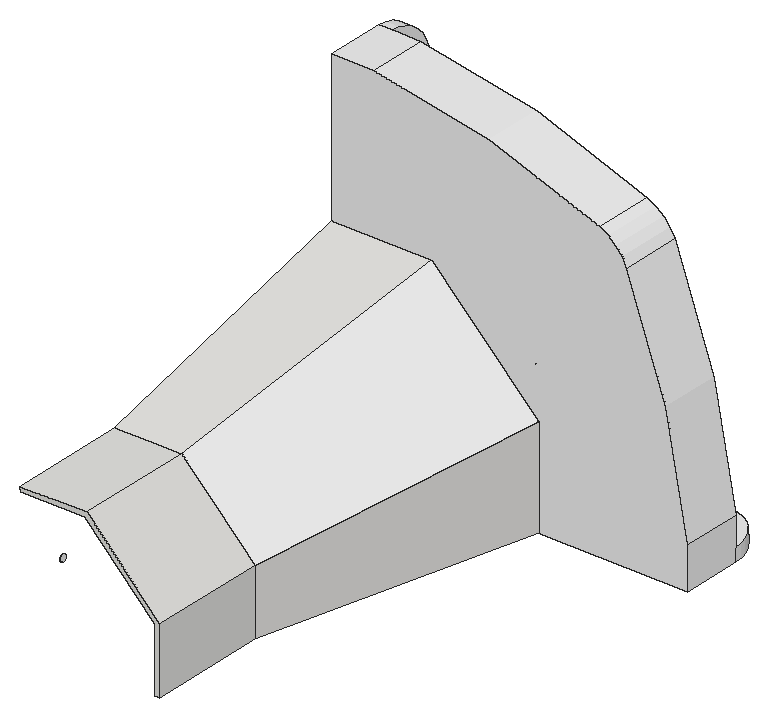
Revit family "Plumbing-Sink-Sloan-Valve-EWF-42000", category Plumbing Fixtures, host Face, Revit 2019
Family settings
  Host = Face
  Round Connector Dimension = Use Diameter
  Part Type = Normal
  OmniClass Number = 23.45.05.14.14
  OmniClass Title = Sinks/Lavatories
  Cut with Voids When Loaded = No
  Shared = No
  Room Calculation Point = No
Parameters (values of type "EWF-42000")
  Width = 27"  # constant formula
  Water Flow = 0.5 GPM
  Waste Connection = yes
  WFU = 2
  Voltage = 110 V
  Vent Connection = no
  Valve Pressure Drop = 0.0 Pa
  URL = "www.sloanvalve.com"
  Sanitary Drain Connection Diameter = 1 1/2"  # constant formula
  Product data url = "https://bimobject.com/sloan_valve/product/sinks_sloanstone_ewf-42000"
  Product Material = Sloan - SloanStone - Pearl (PL)
  Product Guid = ""
  Power Factor = 0.8
  Part Number = ""
  Number of Poles = 3
  Model = "EWF-42000"
  Manufacturer = "Sloan Valve"  # constant formula
  Keynote = "10000"
  Hot Water Connection Diameter = 1/2"  # constant formula
  Height = 39 1/2"  # constant formula
  HWFU = 1.5
  HW Connection = yes
  z_Elevation [instance] = 34"  # constant formula
  Frequency = 0 Hz
  Edition number = 1
  Description = "SloanStone® 2-Station Wall-Mounted Wash Fountain Sink."
  Depth = 30 1/2"  # constant formula
  Default Elevation = 0"  # constant formula
  Current = 15 A
  Cold Water Connection Diameter = 1/2"  # constant formula
  CWFU = 1.5
  CW Connection = yes
  Assembly Code = "D2010400"
  Apparent Load = (Voltage * Current) / (Power Factor * Number of Poles)  # 687.5 VA
  ADA Compliant = 1 = 1  # yes
Reference planes (in)
  plane 1 "Center (Front/Back)": y = 0
  plane 2: z = 0
  plane 3 "Center (Left/Right)": x = 0
  plane 4: y = -5.5
  plane 5: y = -39.5
Dimensions and locks (in)
  locked: plane 4 to plane 1 "Center (Front/Back)" at 5.5
  "z_Elevation": plane 4 to plane 5
  aligned and locked: plane 2 to host face
  aligned and locked: level to host face
  aligned and locked: plane 1 "Center (Front/Back)" to nested 1
  aligned and locked: plane 3 "Center (Left/Right)" to nested 1
Automatic sketch dimensions
  host sketch curve to host sketch curve = 96"  (x2)
Nested families (in)
  nested 1: "Geometry" at (0, -5.5, 0), type "Geometry"
Connectors (in)
  piping at (0, -35.5, 4), diameter 0.5, driven by "Hot Water Connection Diameter", driven by "Valve Pressure Drop", driven by "Water Flow"
    settings: on nested 1, index 8, connector inside diameter 24", connector length 0", flow factor 0, pipe flow 0.5 GPM, pressure drop 0.0 Pa, fitting loss kfactor 0, connector angle 0.00°, fixture units 1.5, engagement length 0", angle of deflection 0.00°, flow configuration 1, flow direction 1, fitting loss method 0, system type 19, joint type 0, gender type 0, connector reference index -1, connector utility 0, adjustable connector no, is connector primary yes, connector description "Hot Water Connection"
  piping at (0, -35.5, 8), diameter 0.5, driven by "Cold Water Connection Diameter", driven by "Valve Pressure Drop", driven by "Water Flow"
    settings: on nested 1, index 9, connector inside diameter 24", connector length 0", flow factor 0, pipe flow 0.5 GPM, pressure drop 0.0 Pa, fitting loss kfactor 0, connector angle 0.00°, fixture units 1.5, engagement length 0", angle of deflection 0.00°, flow configuration 1, flow direction 1, fitting loss method 0, system type 20, joint type 0, gender type 0, connector reference index -1, connector utility 0, adjustable connector no, is connector primary no, connector description "Cold Water Connection"
  piping at (0.0625, -15.5, 6), diameter 1.5, driven by "Sanitary Drain Connection Diameter", driven by "WFU"
    settings: on nested 1, index 10, connector inside diameter 24", connector length 0", flow factor 0, pipe flow 0.0 GPM, pressure drop 0.0 Pa, fitting loss kfactor 0, connector angle 0.00°, fixture units 2, engagement length 0", angle of deflection 0.00°, flow configuration 3, flow direction 2, fitting loss method 0, system type 16, joint type 0, gender type 0, connector reference index -1, connector utility 0, adjustable connector no, is connector primary no, connector description "Sanitary Drain Connection"
  electrical at (0.0625, -29.98996, 6), driven by "Voltage", driven by "Number of Poles", driven by "Apparent Load", driven by "Apparent Load", driven by "Apparent Load", driven by "Power Factor"
    settings: on nested 1, index 11, voltage 110 V, apparent load 0 VA, apparent load phase1 687.5 VA, apparent load phase2 687.5 VA, apparent load phase3 687.5 VA, power factor 0.8, load classification "Other", number of poles 3, system type 31, power factor state 1, is connector primary yes, connector utility no, sub classification motor no, connector description "Power Connection"
Definition of nested family "Geometry"
  Parameters (values of type "Geometry")
    URL = ""
    Product Material = none
    Model = ""
    Manufacturer = ""
    Description = ""
    Default Elevation = 34"
    Assembly Code = ""
  Reference planes (in)
    plane 1 "Center (Front/Back)": y = 0
    plane 2: z = 0
    plane 3 "Center (Left/Right)": x = 0
    plane 4: through (10.56236, 48, 14.0979) normal (0.7071, 0, -0.7071)
    plane 5: through (10.91592, 48, 13.74434) normal (0.7071, 0, -0.7071)
    plane 6: through (11.26947, 48, 13.39079) normal (0.7071, 0, -0.7071)
    plane 7: through (11.62302, 48, 13.03724) normal (0.7071, 0, -0.7071)
    plane 8: through (11.97658, 48, 12.68368) normal (0.7071, 0, -0.7071)
    plane 9: through (14.0979, 48, 10.56236) normal (0.7071, 0, -0.7071)
    plane 10: through (13.74434, 48, 10.91592) normal (0.7071, 0, -0.7071)
    plane 11: through (13.39079, 48, 11.26947) normal (0.7071, 0, -0.7071)
    plane 12: through (13.03724, 48, 11.62302) normal (0.7071, 0, -0.7071)
    plane 13: through (12.68368, 48, 11.97658) normal (0.7071, 0, -0.7071)
    plane 14: through (10.45585, 48, 14.91152) normal (-0.7071, 0, -0.7071)
    plane 15: through (16.1127, 48, 12.08309) normal (0.7071, 0, 0.7071)
    plane 16: through (10.8094, 48, 15.26507) normal (-0.7071, 0, -0.7071)
    plane 17: through (11.16296, 48, 15.61862) normal (-0.7071, 0, -0.7071)
    plane 18: through (11.51651, 48, 15.97218) normal (-0.7071, 0, -0.7071)
    plane 19: through (11.87006, 48, 16.32573) normal (-0.7071, 0, -0.7071)
    plane 20: z = 27
    plane 21: y = -34
    plane 22: y = 5.5
    plane 23: y = -25
    plane 24: y = -4.5
    plane 25: x = 27
    plane 26: through (0, 0, -0.00395) normal (0.7071, 0, -0.7071)
    plane 27: through (0.26857, 0, 10.87122) normal (-0.7071, 0, 0.7071)
    plane 28: through (10.87518, 0, 0.26462) normal (-0.7071, 0, 0.7071)
    plane 29: z = 15.5
    plane 30: x = 15.5
    plane 31: y = -13.5
    plane 32: z = 7
    plane 33: z = 4
    plane 34: z = 8
    plane 35: y = -30
    plane 36: y = -26
    plane 37: through (9.0722, -180, 9.0722) normal (-0.7071, 0, 0.7071)
    plane 38: through (15.33533, -180, 8.97137) normal (-0.7071, 0, 0.7071)
    plane 39: through (8.97137, -180, 15.33533) normal (-0.7071, 0, 0.7071)
    plane 40: through (8.81099, -180, 8.80308) normal (-0.7071, 0, 0.7071)
    plane 41: through (17.53404, -180, 10.45506) normal (0.7071, 0, -0.7071)
    plane 42: through (10.46297, -180, 17.52613) normal (0.7071, 0, -0.7071)
    plane 43: through (9.7599, -180, 13.48614) normal (-0.7071, 0, -0.7071)
  Forms (in)
    Extrusion 1, solid
      sketch origin (0, 0, 0) x (1, 0, 0) y (0, 1, 0)
        loop
          line (-48, 48) -> (-48, -48) -> (48, -48) -> (48, 48) -> (-48, 48)
      from 0 to -12
    Sweep 2, solid, material <- "Product Material"
      path origin (0, 0, 0) x (0.707107, 0, -0.707107) y (-0.707107, 0, -0.707107)
        loop
          line (11.27202, -10.73357) -> (0.88168, -18.2826)
          arc (0.88168, -18.2826) -> (0, -18.56907) -> (-0.88168, -18.2826) r 1.5
          line (-0.88168, -18.2826) -> (-11.60115, -10.49444)
      profile origin (13.55119, 0, 12.30431) x (0.987688, 0, 0.156434) y (0, 1, 0)
        loop
          line (0, 5.5) -> (-1.4375, 5.5) -> (-1.4375, 1) -> (-0.75, 1) -> (-0.75, 5) -> (0, 5) -> (0, 5.5)
    Extrusion 3, solid, material <- "Product Material"
      sketch origin (0, 0, 0) x (0.707107, 0, -0.707107) y (-0.707107, 0, -0.707107)
        loop
          line (0, 0) -> (-9.93102, -9.93102) -> (-0.03674, -17.11964)
          arc (-0.03674, -17.11964) -> (0, -17.13157) -> (0.03674, -17.11964) r 0.0625
          line (0.03674, -17.11964) -> (9.93102, -9.93102) -> (0, 0)
      from -3.5 to 5.5
    Sweep 4, solid, material <- "Product Material"
      path origin (0, 0, 0) x (0.707107, 0, -0.707107) y (-0.707107, 0, -0.707107)
        loop
          line (-19.09188, -19.09188) -> (-16.84623, -21.33753)
          arc (-16.84623, -21.33753) -> (-9.48566, -26.34174) -> (-1.47265, -30.21625) r 60.72538
          arc (-1.47265, -30.21625) -> (0, -30.4972) -> (1.47265, -30.21625) r 4
          arc (1.47265, -30.21625) -> (9.48471, -26.34236) -> (16.84461, -21.33916) r 60.73154
          line (16.84461, -21.33916) -> (19.09188, -19.09188)
      profile origin (22.40744, 0, 20.3248) x (-0.917771, 0, -0.397111) y (0, 1, 0)
        loop
          line (0, 0) -> (0, -4.5) -> (2, -4.5) -> (2, -1)
          arc (2, -1) -> (1.70711, -0.29289) -> (1, 0) r 1
          line (1, 0) -> (0, 0)
    Extrusion 5, void
      sketch origin (0, 0, 0) x (0.707107, 0, -0.707107) y (-0.707107, 0, -0.707107)
        loop
          line (-19.09188, -19.09188) -> (-1, -1) -> (-2, 0) -> (-20.09188, -18.09188) -> (-19.09188, -19.09188)
        loop
          line (19.09188, -19.09188) -> (20.09188, -18.09188) -> (2, 0) -> (1, -1) -> (19.09188, -19.09188)
      from 0 to 5.5
    Extrusion 6, solid, material <- "Product Material"
      sketch origin (0, 0, 0) x (0, 0, -1) y (0, 1, 0)
        loop
          line (-27, 0) -> (-27, -4.5) -> (0, -4.5) -> (0, 3.83923) -> (-14.74065, 3.83923) -> (-23.73566, 3.52512)
          arc (-23.73566, 3.52512) -> (-26.05858, 2.40221) -> (-27, 0) r 3.53553
      from 0 to 1
    Extrusion 7, solid, material <- "Product Material"
      sketch origin (0, 0, 0) x (0.707107, 0, -0.707107) y (-0.707107, 0, -0.707107)
        loop
          line (-16.97056, -18.38478) -> (-15.51408, -19.84126)
          arc (-15.51408, -19.84126) -> (-8.436, -24.63834) -> (-0.73632, -28.35673) r 58.72538
          arc (-0.73632, -28.35673) -> (0, -28.4972) -> (0.73632, -28.35673) r 2
          arc (0.73632, -28.35673) -> (8.43508, -24.63894) -> (15.51251, -19.84283) r 58.73154
          line (15.51251, -19.84283) -> (16.97056, -18.38478) -> (0, -1.41421) -> (-16.97056, -18.38478)
      from -4.5 to -3.5
    Extrusion 8, solid
      sketch origin (12.62395, 5, 12.74121) x (-0.987688, 0, 0.156434) y (0, -1, 0)
        loop
          line (6.39164, 0.25036) -> (6.39164, 0.75036) -> (5.39164, 0.75036) -> (5.39164, 0.25036) -> (6.39164, 0.25036)
      from 0 to 0.0625
    Extrusion 9, solid
      sketch origin (12.74121, 5, 12.62395) x (0.156434, 0, -0.987688) y (0, 1, 0)
        loop
          line (6.39164, -0.25036) -> (5.39164, -0.25036) -> (5.39164, -0.75036) -> (6.39164, -0.75036) -> (6.39164, -0.25036)
      from 0 to 0.0625
    Extrusion 10, solid, material <- "Product Material"
      sketch origin (0, 0, 0) x (-1, 0, 0) y (0, -1, 0)
        loop
          arc (-27, 0) -> (-26.05858, -2.40221) -> (-23.73566, -3.52512) r 3.53553
          line (-23.73566, -3.52512) -> (-14.74065, -3.83923) -> (0, -3.83923) -> (0, 4.5) -> (-27, 4.5) -> (-27, 0)
      from 0 to 1
    Extrusion 11, solid
      sketch origin (0, 0, 0) x (0.707107, 0, -0.707107) y (-0.707107, 0, -0.707107)
        loop
          line (-7.23068, -7.23068) -> (-7.4972, -7.4972) -> (-3.95608, -11.03833) -> (3.96726, -11.03833) -> (7.5028, -7.5028) -> (7.23068, -7.23068) -> (3.79804, -10.66333) -> (-3.79804, -10.66333) -> (-7.23068, -7.23068)
      from -34 to -25
    Extrusion 12, solid
      sketch origin (0, -3.5, 0) x (0.707107, 0, -0.707107) y (-0.707107, 0, -0.707107)
        loop
          arc (-2.65063, -17.43744) -> (-3.00419, -17.58388) -> (-3.15063, -17.93744) r 0.5
          line (-3.15063, -17.93744) -> (-3.15063, -19.93744)
          arc (-3.15063, -19.93744) -> (-3.00419, -20.29099) -> (-2.65063, -20.43744) r 0.5
          line (-2.65063, -20.43744) -> (2.34937, -20.43744)
          arc (2.34937, -20.43744) -> (2.70292, -20.29099) -> (2.84937, -19.93744) r 0.5
          line (2.84937, -19.93744) -> (2.84937, -17.93744)
          arc (2.84937, -17.93744) -> (2.70292, -17.58388) -> (2.34937, -17.43744) r 0.5
          line (2.34937, -17.43744) -> (-2.65063, -17.43744)
        loop
          line (-2.4375, -18.37494) -> (-2.0625, -18.37494) -> (-2.0625, -17.99994) -> (-2.4375, -17.99994) -> (-2.4375, -18.37494)
        loop
          line (-2.4375, -18.87494) -> (-2.0625, -18.87494) -> (-2.0625, -18.49994) -> (-2.4375, -18.49994) -> (-2.4375, -18.87494)
        loop
          line (-2.4375, -19.37494) -> (-2.0625, -19.37494) -> (-2.0625, -18.99994) -> (-2.4375, -18.99994) -> (-2.4375, -19.37494)
        loop
          line (-2.4375, -19.87494) -> (-2.0625, -19.87494) -> (-2.0625, -19.49994) -> (-2.4375, -19.49994) -> (-2.4375, -19.87494)
        loop
          line (-1.9375, -18.37494) -> (-1.5625, -18.37494) -> (-1.5625, -17.99994) -> (-1.9375, -17.99994) -> (-1.9375, -18.37494)
        loop
          line (-1.9375, -18.87494) -> (-1.5625, -18.87494) -> (-1.5625, -18.49994) -> (-1.9375, -18.49994) -> (-1.9375, -18.87494)
        loop
          line (-1.9375, -19.37494) -> (-1.5625, -19.37494) -> (-1.5625, -18.99994) -> (-1.9375, -18.99994) -> (-1.9375, -19.37494)
        loop
          line (-1.9375, -19.87494) -> (-1.5625, -19.87494) -> (-1.5625, -19.49994) -> (-1.9375, -19.49994) -> (-1.9375, -19.87494)
        loop
          line (-1.4375, -18.37494) -> (-1.0625, -18.37494) -> (-1.0625, -17.99994) -> (-1.4375, -17.99994) -> (-1.4375, -18.37494)
        loop
          line (-1.4375, -18.87494) -> (-1.0625, -18.87494) -> (-1.0625, -18.49994) -> (-1.4375, -18.49994) -> (-1.4375, -18.87494)
        loop
          line (-1.4375, -19.37494) -> (-1.0625, -19.37494) -> (-1.0625, -18.99994) -> (-1.4375, -18.99994) -> (-1.4375, -19.37494)
        loop
          line (-1.4375, -19.87494) -> (-1.0625, -19.87494) -> (-1.0625, -19.49994) -> (-1.4375, -19.49994) -> (-1.4375, -19.87494)
        loop
          line (-0.9375, -18.37494) -> (-0.5625, -18.37494) -> (-0.5625, -17.99994) -> (-0.9375, -17.99994) -> (-0.9375, -18.37494)
        loop
          line (-0.9375, -18.87494) -> (-0.5625, -18.87494) -> (-0.5625, -18.49994) -> (-0.9375, -18.49994) -> (-0.9375, -18.87494)
        loop
          line (-0.9375, -19.37494) -> (-0.5625, -19.37494) -> (-0.5625, -18.99994) -> (-0.9375, -18.99994) -> (-0.9375, -19.37494)
        loop
          line (-0.9375, -19.87494) -> (-0.5625, -19.87494) -> (-0.5625, -19.49994) -> (-0.9375, -19.49994) -> (-0.9375, -19.87494)
        loop
          line (-0.4375, -18.37494) -> (-0.0625, -18.37494) -> (-0.0625, -17.99994) -> (-0.4375, -17.99994) -> (-0.4375, -18.37494)
        loop
          line (-0.4375, -18.87494) -> (-0.0625, -18.87494) -> (-0.0625, -18.49994) -> (-0.4375, -18.49994) -> (-0.4375, -18.87494)
        loop
          line (-0.4375, -19.37494) -> (-0.0625, -19.37494) -> (-0.0625, -18.99994) -> (-0.4375, -18.99994) -> (-0.4375, -19.37494)
        loop
          line (-0.4375, -19.87494) -> (-0.0625, -19.87494) -> (-0.0625, -19.49994) -> (-0.4375, -19.49994) -> (-0.4375, -19.87494)
        loop
          line (2.4375, -18.37494) -> (2.4375, -17.99994) -> (2.0625, -17.99994) -> (2.0625, -18.37494) -> (2.4375, -18.37494)
        loop
          line (2.4375, -18.87494) -> (2.4375, -18.49994) -> (2.0625, -18.49994) -> (2.0625, -18.87494) -> (2.4375, -18.87494)
        loop
          line (2.4375, -19.37494) -> (2.4375, -18.99994) -> (2.0625, -18.99994) -> (2.0625, -19.37494) -> (2.4375, -19.37494)
        loop
          line (2.4375, -19.87494) -> (2.4375, -19.49994) -> (2.0625, -19.49994) -> (2.0625, -19.87494) -> (2.4375, -19.87494)
        loop
          line (1.9375, -18.37494) -> (1.9375, -17.99994) -> (1.5625, -17.99994) -> (1.5625, -18.37494) -> (1.9375, -18.37494)
        loop
          line (1.9375, -18.87494) -> (1.9375, -18.49994) -> (1.5625, -18.49994) -> (1.5625, -18.87494) -> (1.9375, -18.87494)
        loop
          line (1.9375, -19.37494) -> (1.9375, -18.99994) -> (1.5625, -18.99994) -> (1.5625, -19.37494) -> (1.9375, -19.37494)
        loop
          line (1.9375, -19.87494) -> (1.9375, -19.49994) -> (1.5625, -19.49994) -> (1.5625, -19.87494) -> (1.9375, -19.87494)
        loop
          line (1.4375, -18.37494) -> (1.4375, -17.99994) -> (1.0625, -17.99994) -> (1.0625, -18.37494) -> (1.4375, -18.37494)
        loop
          line (1.4375, -18.87494) -> (1.4375, -18.49994) -> (1.0625, -18.49994) -> (1.0625, -18.87494) -> (1.4375, -18.87494)
        loop
          line (1.4375, -19.37494) -> (1.4375, -18.99994) -> (1.0625, -18.99994) -> (1.0625, -19.37494) -> (1.4375, -19.37494)
        loop
          line (1.4375, -19.87494) -> (1.4375, -19.49994) -> (1.0625, -19.49994) -> (1.0625, -19.87494) -> (1.4375, -19.87494)
        loop
          line (0.9375, -18.37494) -> (0.9375, -17.99994) -> (0.5625, -17.99994) -> (0.5625, -18.37494) -> (0.9375, -18.37494)
        loop
          line (0.9375, -18.87494) -> (0.9375, -18.49994) -> (0.5625, -18.49994) -> (0.5625, -18.87494) -> (0.9375, -18.87494)
        loop
          line (0.9375, -19.37494) -> (0.9375, -18.99994) -> (0.5625, -18.99994) -> (0.5625, -19.37494) -> (0.9375, -19.37494)
        loop
          line (0.9375, -19.87494) -> (0.9375, -19.49994) -> (0.5625, -19.49994) -> (0.5625, -19.87494) -> (0.9375, -19.87494)
        loop
          line (0.4375, -18.37494) -> (0.4375, -17.99994) -> (0.0625, -17.99994) -> (0.0625, -18.37494) -> (0.4375, -18.37494)
        loop
          line (0.4375, -18.87494) -> (0.4375, -18.49994) -> (0.0625, -18.49994) -> (0.0625, -18.87494) -> (0.4375, -18.87494)
        loop
          line (0.4375, -19.37494) -> (0.4375, -18.99994) -> (0.0625, -18.99994) -> (0.0625, -19.37494) -> (0.4375, -19.37494)
        loop
          line (0.4375, -19.87494) -> (0.4375, -19.49994) -> (0.0625, -19.49994) -> (0.0625, -19.87494) -> (0.4375, -19.87494)
      from 0 to 0.1875
    Extrusion 13, void
      sketch origin (0, 0, 0) x (0.707107, 0, -0.707107) y (-0.707107, 0, -0.707107)
        loop
          line (-2.4375, -17.99994) -> (-2.4375, -19.87494) -> (2.4375, -19.87494) -> (2.4375, -17.99994) -> (-2.4375, -17.99994)
      from -3.97906 to -3.5
    Extrusion 14, solid, material <- "Product Material"
      sketch origin (0, 0, 0) x (0, 1, 0) y (0, 0, 1)
        loop
          line (-25.98996, 7) -> (-25.98996, 5) -> (-22.98996, 5) -> (-22.98996, 7) -> (-25.98996, 7)
        loop
          circle (-30, 8) r 0.25
        loop
          circle (-30, 4) r 0.25
        loop
          circle (-10, 6) r 0.75
      from 0 to 0.0625
    Revolve 15, solid
      sketch origin (15.64149, 15.81477, 11.92444) x (0.481412, 0.829038, -0.284498) y (0.508765, 0, 0.860905)
        loop
          line (-15.51805, -2.03868) -> (-15.66935, -2.18997) -> (-15.41233, -2.44699) -> (-15.26104, -2.29569) -> (-15.51805, -2.03868)
        axis (-15.7615, -2.28213) -> (-15.50449, -2.53914)
      angle from 0 to 360
    Revolve 16, solid
      sketch origin (4.96379, 1, 2.04218) x (0, 1, 0) y (0.156434, 0, 0.987688)
        loop
          line (2.04794, 12.63041) -> (2.04794, 11.76501) -> (2.54794, 11.76501) -> (2.54794, 12.13041)
          arc (2.54794, 12.13041) -> (2.4015, 12.48396) -> (2.04794, 12.63041) r 0.5
        axis (2.04794, 12.63041) -> (2.04794, 11.76501)
      angle from 0 to 360
    Revolve 17, solid
      sketch origin (11.92444, 15.81477, 15.64149) x (-0.284498, 0.829038, 0.481412) y (-0.860905, 0, -0.508765)
        loop
          line (-15.51805, 2.03868) -> (-15.26104, 2.29569) -> (-15.41233, 2.44699) -> (-15.66935, 2.18997) -> (-15.51805, 2.03868)
        axis (-15.7615, 2.28213) -> (-15.50449, 2.53914)
      angle from 0 to 360
    Revolve 18, solid
      sketch origin (2.04218, 1, 4.96379) x (0, 1, 0) y (-0.987688, 0, -0.156434)
        loop
          arc (2.04794, -12.63041) -> (2.4015, -12.48396) -> (2.54794, -12.13041) r 0.5
          line (2.54794, -12.13041) -> (2.54794, -11.76501) -> (2.04794, -11.76501) -> (2.04794, -12.63041)
        axis (2.04794, -12.63041) -> (2.04794, -11.76501)
      angle from 0 to 360
    Blend 19, solid
      base sketch origin (0, 0, 0) x (1, 0, 0) y (0, 0, 1)
        loop
          line (10.61056, 5) -> (5.00982, 10.60073) -> (4.74466, 10.33557) -> (10.34539, 4.73483) -> (10.61056, 5)
      top sketch origin (0, 0, 0) x (1, 0, 0) y (0, 0, 1)
        loop
          line (7.29397, 15.42175) -> (15.42965, 7.28606) -> (15.69482, 7.55123) -> (7.55914, 15.68691) -> (7.29397, 15.42175)
      from 25 to 4.5
    Blend 20, solid
      base sketch origin (0, 0, 0) x (1, 0, 0) y (0, 0, 1)
        loop
          line (7.55815, 15.68493) -> (0, 15.68493) -> (0, 15.30993) -> (7.18315, 15.30993) -> (7.55815, 15.68493)
      top sketch origin (0, 0, 0) x (1, 0, 0) y (0, 0, 1)
        loop
          line (0, 10.22573) -> (4.63482, 10.22573) -> (5.00982, 10.60073) -> (0, 10.60073) -> (0, 10.22573)
      from 4.5 to 25
    Blend 21, solid
      base sketch origin (0, 0, 0) x (0, 0, 1) y (-1, 0, 0)
        loop
          line (7.55815, -15.68493) -> (7.18315, -15.30993) -> (0, -15.30993) -> (0, -15.68493) -> (7.55815, -15.68493)
      top sketch origin (0, 0, 0) x (0, 0, 1) y (-1, 0, 0)
        loop
          line (0, -10.22573) -> (0, -10.60073) -> (5.00982, -10.60073) -> (4.63482, -10.22573) -> (0, -10.22573)
      from 4.5 to 25
  Cuts and joins
    Extrusion 5 cuts Sweep 2
    Extrusion 13 cuts Extrusion 7
    joined: Sweep 2, Extrusion 3, Sweep 4, Extrusion 6, Extrusion 7, Extrusion 10
    joined: Extrusion 11, Blend 19, Blend 20, Blend 21
    Extrusion 5 cuts Extrusion 9
    Extrusion 5 cuts Extrusion 8
  Lines and regions (in)
    Masking region 1, not visible
      outline origin (0, 0, 0) x (1, 0, 0) y (0, 1, 0)
        loop
          line (0, -33.98966) -> (10.61318, -33.98966) -> (10.61318, -24.98966) -> (15.69482, -4.5) -> (27, -4.5) -> (27, 0)
          arc (27, 0) -> (26.10151, 2.44196) -> (23.73566, 3.52512) r 3.38546
          line (23.73566, 3.52512) -> (14.74065, 3.83923) -> (14.74065, 5) -> (15.5, 5) -> (15.5, 5.5) -> (0, 5.5) -> (0, -33.98966)
    Masking region 2
      outline origin (0, 0, 0) x (1, 0, 0) y (0, 0, 1)
        loop
          line (0, 0) -> (27, 0) -> (27, 3.17812)
          arc (27, 3.17812) -> (25.33357, 11.92016) -> (22.40744, 20.3248) r 60.73154
          arc (22.40744, 20.3248) -> (21.56478, 21.56478) -> (20.3248, 22.40744) r 4
          arc (20.3248, 22.40744) -> (11.91905, 25.3338) -> (3.17583, 27) r 60.72538
          line (3.17583, 27) -> (0, 27) -> (0, 0)
    Masking region 3, not visible
      outline origin (0, 0, 0) x (0, 1, 0) y (0, 0, 1)
        loop
          line (5.5, 0) -> (5.5, 15.5) -> (5, 15.5) -> (5, 14.74065) -> (3.83923, 14.74065) -> (3.52512, 23.73566)
          arc (3.52512, 23.73566) -> (2.44196, 26.10151) -> (0, 27) r 3.38546
          line (0, 27) -> (-4.5, 27) -> (-4.5, 15.68691) -> (-25.00423, 10.60166) -> (-34, 10.60166) -> (-34, 0) -> (5.5, 0)
    Masking region 4
      outline origin (0, 0, 0) x (1, 0, 0) y (0, 0, 1)
        loop
          line (0, 0) -> (27, 0) -> (27, 3.17812)
          arc (27, 3.17812) -> (25.33357, 11.92016) -> (22.40744, 20.3248) r 60.73154
          arc (22.40744, 20.3248) -> (21.56478, 21.56478) -> (20.3248, 22.40744) r 4
          arc (20.3248, 22.40744) -> (11.91905, 25.3338) -> (3.17583, 27) r 60.72538
          line (3.17583, 27) -> (0, 27) -> (0, 0)
    symbolic lines, not visible
      curve 1: line (14.74065, 5, 0) -> (0, 5, 0)
    symbolic lines, not visible, detail levels medium+fine
      curve 2: line (27, 0, 0) -> (0, 0, 0)
      curve 3: line (1, 0, 0) -> (1, 3.83923, 0)
      curve 4: line (1, 3.83923, 0) -> (0, 3.83923, 0)
      curve 5: line (15.69482, -4.5, 0) -> (0, -4.5, 0)
      curve 21: line (14.74065, 3.83923, 0) -> (14.58227, 3.83923, 0)
      curve 22: line (14.58227, 3.83923, 0) -> (14.58227, 3.0813, 0)
      curve 23: line (14.58227, 2.96289, 0) -> (14.58227, 1, 0)
      curve 24: line (14.58227, 1, 0) -> (1, 1, 0)
      curve 25: line (13.8862, 1, 0) -> (13.8862, 0, 0)
      curve 193: line (0, 5, 14.74065) -> (0, 5, 0)
      curve 194: line (0, 0, 27) -> (0, 0, 1)
      curve 195: line (0, 0, 1) -> (0, 3.52512, 1)
      curve 196: line (0, 3.52512, 1) -> (0, 3.52512, 0)
      curve 197: line (0, -4.5, 15.68493) -> (0, -4.5, 0)
      curve 198: line (0, 3.83923, 14.74065) -> (0, 3.83923, 14.58227)
      curve 199: line (0, 3.83923, 14.58227) -> (0, 3.07001, 14.58227)
      curve 200: line (0, 2.93606, 14.58418) -> (0, 0.94973, 14.58418)
      curve 201: line (0, 0.94973, 14.58418) -> (0, 0.94973, 13.8862)
      curve 202: line (0, 0.94973, 13.8862) -> (0, 0, 13.8862)
      curve 218: line (0, 0.94973, 13.8862) -> (0, 0.94973, 1)
      curve 222: line (0, 3.07001, 14.58227) -> (0, 3.02287, 14.6496)
      curve 223: line (0, 2.93606, 14.58418) -> (0, 3.02287, 14.6496)
    symbolic lines, not visible, detail levels fine
      curve 6: line (10.60073, -25, 0) -> (0, -25, 0)
      curve 7: circle (6.89802, 2.74606, 0) r 0.30405 normal (0, 0, 1)
      curve 8: line (6.311, 4.74964, 0) -> (7.30847, 4.74964, 0)
      curve 9: line (6.311, 4.24964, 0) -> (6.311, 4.74964, 0)
      curve 10: line (7.30847, 4.24964, 0) -> (6.311, 4.24964, 0)
      curve 11: line (7.30847, 4.74964, 0) -> (7.30847, 4.24964, 0)
      curve 12: arc (7.20107, 2.77059, 0) -> (6.63751, 3.54783, 0) -> (6.63842, 2.58778, 0) r 0.50457
      curve 13: arc (13.66545, 3.55552, 0) -> (13.58315, 3.05193, 0) -> (13.66295, 2.54794, 0) r 1.6063
      curve 14: line (13.66295, 2.54794, 0) -> (14.11816, 2.54794, 0)
      curve 15: line (14.11816, 2.54794, 0) -> (14.23462, 2.4664, 0)
      curve 16: line (14.23462, 2.4664, 0) -> (14.6379, 3.04234, 0)
      curve 17: line (14.6379, 3.04234, 0) -> (14.50297, 3.13683, 0)
      curve 18: arc (14.50297, 3.13683, 0) -> (14.38033, 3.43288, 0) -> (14.08428, 3.55552, 0) r 0.41869
      curve 19: line (14.08428, 3.55552, 0) -> (13.66545, 3.55552, 0)
      curve 20: line (14.50297, 3.13683, 0) -> (14.11816, 2.54794, 0)
      curve 26: line (5.00982, -25, 0) -> (7.56111, -4.5, 0)
      curve 27: line (5.00982, -25, 0) -> (5.00982, -34, 0)
      curve 203: line (0, 3.54794, 13.66295) -> (0, 3.54794, 14.05548)
      curve 204: arc (0, 3.54794, 14.05548) -> (0, 3.42395, 14.36865) -> (0, 3.11917, 14.51206) r 0.45748
      curve 205: line (0, 3.11917, 14.51206) -> (0, 3.07001, 14.58227)
      curve 206: line (0, 2.93606, 14.58418) -> (0, 2.4694, 14.23253)
      curve 207: line (0, 2.4694, 14.23253) -> (0, 2.5546, 14.11946)
      curve 208: arc (0, 2.5546, 14.11946) -> (0, 2.54912, 14.06644) -> (0, 2.54717, 14.01318) r 0.80347
      curve 209: line (0, 2.54717, 14.01318) -> (0, 2.54717, 13.66295)
      curve 210: arc (0, 2.54717, 13.66295) -> (0, 3.04756, 13.58752) -> (0, 3.54794, 13.66295) r 1.69742
      curve 211: arc (0, 2.94973, 7.13371) -> (0, 3.01732, 6.8201) -> (0, 2.81909, 6.56786) r 0.37726
      curve 212: arc (0, 2.81909, 6.56786) -> (0, 2.61288, 6.57982) -> (0, 2.5201, 6.76437) r 0.20659
      curve 213: arc (0, 2.94973, 7.13371) -> (0, 2.8176, 7.21252) -> (0, 2.66763, 7.17815) r 0.20659
      curve 214: arc (0, 2.66763, 7.17815) -> (0, 2.52743, 6.99495) -> (0, 2.5201, 6.76437) r 0.37726
      curve 215: arc (0, 2.59602, 6.59216) -> (0, 3.56645, 6.73328) -> (0, 2.70281, 7.19779) r 0.51636
      curve 216: arc (0, 2.75729, 6.5482) -> (0, 3.1345, 6.85959) -> (0, 2.79806, 7.21465) r 0.33463
      curve 217: line (0, 3.11917, 14.51206) -> (0, 2.5546, 14.11946)
      curve 219: line (0, -24.99228, 10.60265) -> (0, -24.99228, 0)
      curve 220: line (0, -4.5, 7.55815) -> (0, -24.99228, 5.01078)
      curve 221: line (0, -24.99228, 5.01078) -> (0, -33.99228, 5.01078)
    symbolic lines, detail levels medium+fine
      curve 28: line (27, 0, 1) -> (15.34162, 0, 1)
      curve 29: line (15.5, 0, 0) -> (13.55119, 0, 12.30431)
      curve 30: arc (13.55119, 0, 12.30431) -> (13.18599, 0, 13.18599) -> (12.30431, 0, 13.55119) r 1.24688
      curve 31: line (12.30431, 0, 13.55119) -> (0, 0, 15.5)
      curve 32: line (1, 0, 15.34162) -> (1, 0, 27)
      curve 33: line (1, 0, 15.68493) -> (7.55815, 0, 15.68493)
      curve 34: line (7.55815, 0, 15.68493) -> (9.20026, 0, 14.04282)
      curve 35: line (14.04226, 0, 9.20378) -> (15.63325, 0, 7.61279)
      curve 36: line (15.63325, 0, 7.61279) -> (15.63325, 0, 1)
    symbolic lines, detail levels fine
      curve 37: line (25, 0, 1) -> (25, 0, 3.062)
      curve 38: arc (25, 0, 3.062) -> (23.38686, 0, 11.45786) -> (20.57189, 0, 19.53057) r 58.73154
      curve 39: arc (20.57189, 0, 19.53057) -> (20.15057, 0, 20.15057) -> (19.53057, 0, 20.57189) r 2
      curve 40: arc (19.53057, 0, 20.57189) -> (11.45679, 0, 23.38706) -> (3.05977, 0, 24.99991) r 58.72321
      curve 41: line (3.05977, 0, 24.99991) -> (1, 0, 24.99991)
      curve 42: arc (14.69849, 0, 10.66888) -> (14.34494, 0, 10.52243) -> (13.99138, 0, 10.66888) r 0.5
      curve 43: line (14.69849, 0, 10.66888) -> (16.1127, 0, 12.08309)
      curve 44: arc (16.1127, 0, 12.7902) -> (16.25915, 0, 12.43664) -> (16.1127, 0, 12.08309) r 0.5
      curve 45: line (16.1127, 0, 12.7902) -> (12.57717, 0, 16.32573)
      curve 46: arc (11.87006, 0, 16.32573) -> (12.22362, 0, 16.47218) -> (12.57717, 0, 16.32573) r 0.5
      curve 47: line (11.87006, 0, 16.32573) -> (10.45585, 0, 14.91152)
      curve 48: arc (10.45585, 0, 14.20441) -> (10.3094, 0, 14.55796) -> (10.45585, 0, 14.91152) r 0.5
      curve 49: line (13.99138, 0, 10.66888) -> (13.77612, 0, 10.88414)
      curve 50: line (10.45585, 0, 14.20441) -> (10.88414, 0, 13.77612)
      curve 51: line (12.33013, 0, 14.53984) -> (12.5953, 0, 14.805)
      curve 52: line (12.5953, 0, 14.805) -> (12.33013, 0, 15.07017)
      curve 53: line (12.33013, 0, 15.07017) -> (12.06496, 0, 14.805)
      curve 54: line (12.06496, 0, 14.805) -> (12.33013, 0, 14.53984)
      curve 55: line (12.68368, 0, 14.71662) -> (12.41852, 0, 14.45145)
      curve 56: line (12.41852, 0, 14.45145) -> (12.68368, 0, 14.18629)
      curve 57: line (12.68368, 0, 14.18629) -> (12.94885, 0, 14.45145)
      curve 58: line (12.94885, 0, 14.45145) -> (12.68368, 0, 14.71662)
      curve 59: line (13.03724, 0, 14.36306) -> (12.77207, 0, 14.0979)
      curve 60: line (12.77207, 0, 14.0979) -> (13.03724, 0, 13.83273)
      curve 61: line (13.03724, 0, 13.83273) -> (13.3024, 0, 14.0979)
      curve 62: line (13.3024, 0, 14.0979) -> (13.03724, 0, 14.36306)
      curve 63: line (13.39079, 0, 14.00951) -> (13.12563, 0, 13.74434)
      curve 64: line (13.12563, 0, 13.74434) -> (13.39079, 0, 13.47918)
      curve 65: line (13.39079, 0, 13.47918) -> (13.65596, 0, 13.74434)
      curve 66: line (13.65596, 0, 13.74434) -> (13.39079, 0, 14.00951)
      curve 67: line (13.74434, 0, 13.65596) -> (13.47918, 0, 13.39079)
      curve 68: line (13.47918, 0, 13.39079) -> (13.74434, 0, 13.12563)
      curve 69: line (13.74434, 0, 13.12563) -> (14.00951, 0, 13.39079)
      curve 70: line (14.00951, 0, 13.39079) -> (13.74434, 0, 13.65596)
      curve 71: line (14.0979, 0, 13.3024) -> (13.83273, 0, 13.03724)
      curve 72: line (13.83273, 0, 13.03724) -> (14.0979, 0, 12.77207)
      curve 73: line (14.0979, 0, 12.77207) -> (14.36306, 0, 13.03724)
      curve 74: line (14.36306, 0, 13.03724) -> (14.0979, 0, 13.3024)
      curve 75: line (14.45145, 0, 12.94885) -> (14.18629, 0, 12.68368)
      curve 76: line (14.18629, 0, 12.68368) -> (14.45145, 0, 12.41852)
      curve 77: line (14.45145, 0, 12.41852) -> (14.71662, 0, 12.68368)
      curve 78: line (14.71662, 0, 12.68368) -> (14.45145, 0, 12.94885)
      curve 79: line (14.805, 0, 12.5953) -> (14.53984, 0, 12.33013)
      curve 80: line (14.53984, 0, 12.33013) -> (14.805, 0, 12.06496)
      curve 81: line (14.805, 0, 12.06496) -> (15.07017, 0, 12.33013)
      curve 82: line (15.07017, 0, 12.33013) -> (14.805, 0, 12.5953)
      curve 83: line (11.97658, 0, 14.71662) -> (11.71141, 0, 14.45145)
      curve 84: line (11.71141, 0, 14.45145) -> (11.97658, 0, 14.18629)
      curve 85: line (11.97658, 0, 14.18629) -> (12.24174, 0, 14.45145)
      curve 86: line (12.24174, 0, 14.45145) -> (11.97658, 0, 14.71662)
      curve 87: line (12.33013, 0, 14.36306) -> (12.06496, 0, 14.0979)
      curve 88: line (12.06496, 0, 14.0979) -> (12.33013, 0, 13.83273)
      curve 89: line (12.33013, 0, 13.83273) -> (12.5953, 0, 14.0979)
      curve 90: line (12.5953, 0, 14.0979) -> (12.33013, 0, 14.36306)
      curve 91: line (12.68368, 0, 14.00951) -> (12.41852, 0, 13.74434)
      curve 92: line (12.41852, 0, 13.74434) -> (12.66497, 0, 13.49789)
      curve 93: line (12.69342, 0, 13.48892) -> (12.94885, 0, 13.74434)
      curve 94: line (12.94885, 0, 13.74434) -> (12.68368, 0, 14.00951)
      curve 95: line (12.82057, 0, 13.43929) -> (13.03724, 0, 13.65596)
      curve 96: line (13.03724, 0, 13.65596) -> (13.3024, 0, 13.39079)
      curve 97: line (13.3024, 0, 13.39079) -> (13.14068, 0, 13.22907)
      curve 98: line (13.22907, 0, 13.14068) -> (13.39079, 0, 13.3024)
      curve 99: line (13.39079, 0, 13.3024) -> (13.65596, 0, 13.03724)
      curve 100: line (13.65596, 0, 13.03724) -> (13.43929, 0, 12.82057)
      curve 101: line (13.74434, 0, 12.94885) -> (13.48892, 0, 12.69342)
      curve 102: line (13.49789, 0, 12.66497) -> (13.74434, 0, 12.41852)
      curve 103: line (13.74434, 0, 12.41852) -> (14.00951, 0, 12.68368)
      curve 104: line (14.00951, 0, 12.68368) -> (13.74434, 0, 12.94885)
      curve 105: line (14.0979, 0, 12.5953) -> (13.83273, 0, 12.33013)
      curve 106: line (13.83273, 0, 12.33013) -> (14.0979, 0, 12.06496)
      curve 107: line (14.0979, 0, 12.06496) -> (14.36306, 0, 12.33013)
      curve 108: line (14.36306, 0, 12.33013) -> (14.0979, 0, 12.5953)
      curve 109: line (14.45145, 0, 12.24174) -> (14.18629, 0, 11.97658)
      curve 110: line (14.18629, 0, 11.97658) -> (14.45145, 0, 11.71141)
      curve 111: line (14.45145, 0, 11.71141) -> (14.71662, 0, 11.97658)
      curve 112: line (14.71662, 0, 11.97658) -> (14.45145, 0, 12.24174)
      curve 113: line (14.36306, 0, 11.62302) -> (14.0979, 0, 11.88819)
      curve 114: line (14.0979, 0, 11.88819) -> (13.83273, 0, 11.62302)
      curve 115: line (13.83273, 0, 11.62302) -> (14.0979, 0, 11.35786)
      curve 116: line (14.0979, 0, 11.35786) -> (14.36306, 0, 11.62302)
      curve 117: line (13.58615, 0, 12.08355) -> (13.74434, 0, 12.24174)
      curve 118: line (13.74434, 0, 12.24174) -> (14.00951, 0, 11.97658)
      curve 119: line (14.00951, 0, 11.97658) -> (13.74434, 0, 11.71141)
      curve 120: line (14.45145, 0, 11.53463) -> (14.18629, 0, 11.26947)
      curve 121: line (14.71662, 0, 11.26947) -> (14.45145, 0, 11.53463)
      curve 122: line (14.805, 0, 11.88819) -> (14.53984, 0, 11.62302)
      curve 123: line (14.53984, 0, 11.62302) -> (14.805, 0, 11.35786)
      curve 124: line (14.805, 0, 11.35786) -> (15.07017, 0, 11.62302)
      curve 125: line (15.07017, 0, 11.62302) -> (14.805, 0, 11.88819)
      curve 126: line (14.89339, 0, 11.97658) -> (15.15856, 0, 12.24174)
      curve 127: line (15.15856, 0, 11.71141) -> (14.89339, 0, 11.97658)
      curve 128: line (15.15856, 0, 12.24174) -> (15.42372, 0, 11.97658)
      curve 129: line (15.15856, 0, 11.71141) -> (15.42372, 0, 11.97658)
      curve 130: line (15.51211, 0, 12.5953) -> (15.24695, 0, 12.33013)
      curve 131: line (15.24695, 0, 12.33013) -> (15.51211, 0, 12.06496)
      curve 132: line (15.51211, 0, 12.06496) -> (15.77728, 0, 12.33013)
      curve 133: line (15.77728, 0, 12.33013) -> (15.51211, 0, 12.5953)
      curve 134: line (15.15856, 0, 12.41852) -> (15.42372, 0, 12.68368)
      curve 135: line (15.42372, 0, 12.68368) -> (15.15856, 0, 12.94885)
      curve 136: line (15.15856, 0, 12.94885) -> (14.89339, 0, 12.68368)
      curve 137: line (14.89339, 0, 12.68368) -> (15.15856, 0, 12.41852)
      curve 138: line (14.805, 0, 12.77207) -> (15.07017, 0, 13.03724)
      curve 139: line (15.07017, 0, 13.03724) -> (14.805, 0, 13.3024)
      curve 140: line (14.805, 0, 13.3024) -> (14.53984, 0, 13.03724)
      curve 141: line (14.53984, 0, 13.03724) -> (14.805, 0, 12.77207)
      curve 142: line (14.45145, 0, 13.12563) -> (14.71662, 0, 13.39079)
      curve 143: line (14.71662, 0, 13.39079) -> (14.45145, 0, 13.65596)
      curve 144: line (14.45145, 0, 13.65596) -> (14.18629, 0, 13.39079)
      curve 145: line (14.18629, 0, 13.39079) -> (14.45145, 0, 13.12563)
      curve 146: line (14.0979, 0, 13.47918) -> (14.36306, 0, 13.74434)
      curve 147: line (14.36306, 0, 13.74434) -> (14.0979, 0, 14.00951)
      curve 148: line (14.0979, 0, 14.00951) -> (13.83273, 0, 13.74434)
      curve 149: line (13.83273, 0, 13.74434) -> (14.0979, 0, 13.47918)
      curve 150: line (13.74434, 0, 13.83273) -> (14.00951, 0, 14.0979)
      curve 151: line (14.00951, 0, 14.0979) -> (13.74434, 0, 14.36306)
      curve 152: line (13.74434, 0, 14.36306) -> (13.47918, 0, 14.0979)
      curve 153: line (13.47918, 0, 14.0979) -> (13.74434, 0, 13.83273)
      curve 154: line (13.39079, 0, 14.18629) -> (13.65596, 0, 14.45145)
      curve 155: line (13.65596, 0, 14.45145) -> (13.39079, 0, 14.71662)
      curve 156: line (13.39079, 0, 14.71662) -> (13.12563, 0, 14.45145)
      curve 157: line (13.12563, 0, 14.45145) -> (13.39079, 0, 14.18629)
      curve 158: line (13.03724, 0, 14.53984) -> (13.3024, 0, 14.805)
      curve 159: line (13.3024, 0, 14.805) -> (13.03724, 0, 15.07017)
      curve 160: line (13.03724, 0, 15.07017) -> (12.77207, 0, 14.805)
      curve 161: line (12.77207, 0, 14.805) -> (13.03724, 0, 14.53984)
      curve 162: line (12.68368, 0, 14.89339) -> (12.94885, 0, 15.15856)
      curve 163: line (12.94885, 0, 15.15856) -> (12.68368, 0, 15.42372)
      curve 164: line (12.68368, 0, 15.42372) -> (12.41852, 0, 15.15856)
      curve 165: line (12.41852, 0, 15.15856) -> (12.68368, 0, 14.89339)
      curve 166: line (12.33013, 0, 15.24695) -> (12.5953, 0, 15.51211)
      curve 167: line (12.5953, 0, 15.51211) -> (12.33013, 0, 15.77728)
      curve 168: line (12.33013, 0, 15.77728) -> (12.06496, 0, 15.51211)
      curve 169: line (12.06496, 0, 15.51211) -> (12.33013, 0, 15.24695)
      curve 170: line (11.26947, 0, 14.18629) -> (11.53463, 0, 14.45145)
      curve 171: line (11.53463, 0, 14.45145) -> (11.26947, 0, 14.71662)
      curve 172: line (11.26947, 0, 14.71662) -> (11.0043, 0, 14.45145)
      curve 173: line (11.0043, 0, 14.45145) -> (11.26947, 0, 14.18629)
      curve 174: line (11.62302, 0, 14.36306) -> (11.35786, 0, 14.0979)
      curve 175: line (11.35786, 0, 14.0979) -> (11.62302, 0, 13.83273)
      curve 176: line (11.62302, 0, 13.83273) -> (11.88819, 0, 14.0979)
      curve 177: line (11.88819, 0, 14.0979) -> (11.62302, 0, 14.36306)
      curve 178: line (11.71141, 0, 13.74434) -> (11.97658, 0, 14.00951)
      curve 179: line (11.97658, 0, 14.00951) -> (12.24174, 0, 13.74434)
      curve 180: line (12.24174, 0, 13.74434) -> (12.08355, 0, 13.58615)
      curve 181: line (11.88819, 0, 14.805) -> (11.62302, 0, 15.07017)
      curve 182: line (11.62302, 0, 15.07017) -> (11.35786, 0, 14.805)
      curve 183: line (11.35786, 0, 14.805) -> (11.62302, 0, 14.53984)
      curve 184: line (11.62302, 0, 14.53984) -> (11.88819, 0, 14.805)
      curve 185: line (12.24174, 0, 15.15856) -> (11.97658, 0, 15.42372)
      curve 186: line (11.97658, 0, 15.42372) -> (11.71141, 0, 15.15856)
      curve 187: line (11.71141, 0, 15.15856) -> (11.97658, 0, 14.89339)
      curve 188: line (11.97658, 0, 14.89339) -> (12.24174, 0, 15.15856)
      curve 189: line (14.18629, 0, 11.26947) -> (14.45145, 0, 11.0043)
      curve 190: line (14.45145, 0, 11.0043) -> (14.71662, 0, 11.26947)
      curve 191: line (13.74434, 0, 11.71141) -> (13.62642, 0, 11.82934)
      curve 192: line (11.71141, 0, 13.74434) -> (11.82934, 0, 13.62642)
      curve 224: spline (7.20826, 0, 14.35832) -> (7.23439, 0, 14.4143) -> (7.2319, 0, 14.47275) -> (7.20098, 0, 14.52877) -> (7.14424, 0, 14.57769) -> (7.06642, 0, 14.61539) -> (6.97404, 0, 14.63873) -> (6.87484, 0, 14.64574) -> (6.77713, 0, 14.63583) -> (6.6891, 0, 14.60985) -> (6.61813, 0, 14.56996) -> (6.57014, 0, 14.5195) -> (6.54918, 0, 14.46271)
      curve 225: spline (14.46271, 0, 6.54918) -> (14.5195, 0, 6.57014) -> (14.56996, 0, 6.61813) -> (14.60985, 0, 6.6891) -> (14.63583, 0, 6.77713) -> (14.64574, 0, 6.87484) -> (14.63873, 0, 6.97404) -> (14.61539, 0, 7.06642) -> (14.57769, 0, 7.14424) -> (14.52877, 0, 7.20098) -> (14.47275, 0, 7.2319) -> (14.4143, 0, 7.23439) -> (14.35832, 0, 7.20826)
  Dimensions and locks (in)
    plane 20 to level = 27"
    plane 21 to plane 1 "Center (Front/Back)" = 34"
    plane 21 to plane 23 = 9"
    plane 21 to plane 24 = 29 1/2"
    plane 21 to plane 22 = 39 1/2"
    plane 24 to plane 1 "Center (Front/Back)" = 4 1/2"
    plane 1 "Center (Front/Back)" to plane 22 = 5 1/2"
    plane 28 to plane 27 = 15"
    plane 3 "Center (Left/Right)" to plane 30 = 15 1/2"
    Extrusion 1 to plane 29 = 15 1/2"
    plane 21 to plane 31 = 20 1/2"
    plane 34 to plane 33 = 4"
    plane 21 to plane 36 = 8"
    plane 33 to plane 2 = 4"
    plane 33 to plane 34 = 4"
    locked: Extrusion 14 sketch curve to level at 6
    locked: Extrusion 14 sketch curve to plane 21 at 24
    aligned and locked: plane 2 to Extrusion 1
    aligned and locked: level to Extrusion 1
